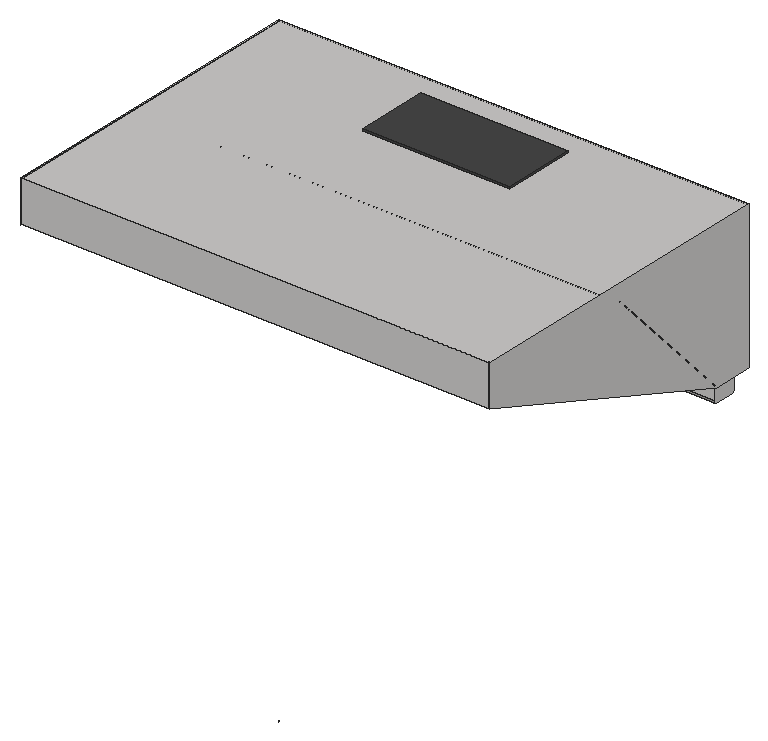
Revit family "QF_ELECTROLUXPROFESSIONAL_642090_MP1116DT", category Specialty Equipment, Revit 2014
Reference planes
  plane 1 "Center (Front/Back)": y = 0
  plane 2: z = 0
  plane 3 "Center (Left/Right)": x = 150
  plane 4 "LEFT": x = -650
  plane 5 "RIGHT": x = 950
  plane 6 "BACK": y = 550
  plane 7 "FRONT": y = -550
  plane 8 "Plane": z = 2000
  plane 9 "TOP": z = 2140
  plane 10 "Base": z = 1640
  plane 11: z = 1566
  plane 12 "DrainY": y = 485
  plane 13: x = -647
  plane 14: through (0, 414.509, 1640.8) normal (0, 0.7314, 0.682)
  plane 15: y = 470
  plane 16: y = 220
  plane 17 "DrainX": x = 830
  plane 18: x = -100
  plane 19: x = 400
  plane 20: x = 947
  plane 21: x = 740
  plane 22: x = 920
  plane 23: x = -450
  plane 24: x = 750
  plane 25: x = -47.5
  plane 26: x = 347.5
Forms (mm)
  Extrusion 1, solid, material "QF_Finishes_Stainless Steel"
    sketch origin (-650, 0, 0) x (0, 1, 0) y (0, 0, 1)
      loop
        line (550, 1640) -> (550, 2140) -> (-550, 2140) -> (-550, 1999.112) -> (413.973, 1640) -> (550, 1640)
    from 0 to 3
  Extrusion 2, solid, material "QF_Finishes_Stainless Steel"
    sketch origin (150, 0, 0) x (0, 1, 0) y (0, 0, 1)
      loop
        line (415.255, 1640) -> (550, 1640) -> (550, 2139.19) -> (549.2, 2139.19) -> (549.2, 1640.8) -> (415.876, 1640.8) -> (339.347, 1722.867) -> (349.609, 1732.436) -> (348.927, 1733.167) -> (337.934, 1722.917) -> (415.255, 1640)
      loop
        line (-82.203, 2139.19) -> (-82.203, 2118.6) -> (-31.047, 2118.6) -> (34.354, 2048.466) -> (46.028, 2059.352) -> (45.346, 2060.083) -> (34.403, 2049.879) -> (-30.612, 2119.6) -> (-81.203, 2119.6) -> (-81.203, 2139.19) -> (-82.203, 2139.19)
    from -797 to 797
  Extrusion 3, solid, material "QF_Finishes_Stainless Steel"
    sketch origin (950, 0, 0) x (0, 1, 0) y (0, 0, 1)
      loop
        line (550, 1640) -> (550, 2140) -> (-550, 2140) -> (-550, 1999.112) -> (413.973, 1640) -> (550, 1640)
    from 0 to -3
  Extrusion 4, solid, material "QF_Finishes_Stainless Steel"
    sketch origin (150, 0, 0) x (0, 1, 0) y (0, 0, 1)
      loop
        line (-550, 2140) -> (-550, 2000) -> (-549.2, 2000) -> (-549.2, 2139.19) -> (550, 2139.19) -> (550, 2140) -> (-550, 2140)
    from -800 to 800
  Extrusion 5, solid, material "QF_Finishes_Stainless Steel"
    sketch origin (150, 0, 0) x (0, 1, 0) y (0, 0, 1)
      loop
        line (534, 1640) -> (436, 1640) -> (436, 1627) -> (443.5, 1627) -> (443.5, 1576)
        arc (443.5, 1576) -> (446.429, 1568.929) -> (453.5, 1566) r 10
        line (453.5, 1566) -> (516.5, 1566)
        arc (516.5, 1566) -> (523.571, 1568.929) -> (526.5, 1576) r 10
        line (526.5, 1576) -> (526.5, 1627) -> (534, 1627) -> (534, 1640)
    from 590 to 770
  Extrusion 6, solid, material "QF_Finishes_Stainless Steel"
    sketch origin (0, 0, 1640) x (0, 1, 0) y (-1, 0, 0)
      loop
        circle (485, -830) r 20
    from -76 to -74
  Extrusion 7, solid, material "QF_Finished_Chrome"
    sketch origin (150, 0, 0) x (0, 1, 0) y (0, 0, 1)
      loop
        line (337.934, 1722.917) -> (341.591, 1726.327) -> (38.011, 2051.876) -> (34.354, 2048.466) -> (337.934, 1722.917)
    from -197.5 to -600
  Extrusion 8, solid, material "QF_Finishes_Stainless Steel"
    sketch origin (150, 0, 0) x (0, 1, 0) y (0, 0, 1)
      loop
        line (337.934, 1722.917) -> (341.591, 1726.327) -> (38.011, 2051.876) -> (34.354, 2048.466) -> (337.934, 1722.917)
    from 797 to 600
  Extrusion 9, solid, material "QF_Finished_Chrome"
    sketch origin (150, 0, 0) x (0, 1, 0) y (0, 0, 1)
      loop
        line (341.588, 1726.324) -> (38.009, 2051.874) -> (34.354, 2048.466) -> (337.934, 1722.917) -> (341.588, 1726.324)
    from 197.5 to 600
  Extrusion 10, solid, material "QF_Finishes_Black"
    sketch origin (0, 0, 2140) x (0, 1, 0) y (-1, 0, 0)
      loop
        line (470, -400) -> (470, 100) -> (220, 100) -> (220, -400) -> (470, -400)
    from 5 to 0
  Extrusion 11, solid, material "QF_Finishes_Stainless Steel"
    sketch origin (0, 0, 0) x (1, 0, 0) y (0, 1, 0)
      loop
        line (-650, 550) -> (-650, 549) -> (-649, 549) -> (-649, 550) -> (-650, 550)
    from 0 to 1
  Extrusion 12, solid, material "QF_Finishes_Stainless Steel"
    sketch origin (150, 0, 0) x (0, 1, 0) y (0, 0, 1)
      loop
        line (337.934, 1722.917) -> (341.591, 1726.327) -> (38.011, 2051.876) -> (34.354, 2048.466) -> (337.934, 1722.917)
    from -600 to -797
  Extrusion 13, solid, material "QF_Finishes_Stainless Steel"
    sketch origin (150, 0, 0) x (0, 1, 0) y (0, 0, 1)
      loop
        line (337.934, 1722.917) -> (341.591, 1726.327) -> (38.011, 2051.876) -> (34.354, 2048.466) -> (337.934, 1722.917)
    from 197.5 to -197.5
Cuts and joins
  joined: Extrusion 2, Extrusion 4
Lines and regions (mm)
  reference lines
    curve 1: line (150, 34.354, 2048.466) -> (150, 34.354, 1888.466)
  symbolic lines, style "SpecialityEquipment", detail levels coarse
    curve 2: line (950, 550, 2140) -> (-650, 550, 2140)
    curve 3: line (-650, 550, 2140) -> (-650, -550, 2140)
    curve 4: line (950, -550, 2140) -> (950, 550, 2140)
    curve 5: line (-650, -550, 2140) -> (950, -550, 2140)
    curve 6: line (400, 220, 2140) -> (-100, 220, 2140)
    curve 7: line (400, 470, 2140) -> (400, 220, 2140)
    curve 8: line (-100, 470, 2140) -> (400, 470, 2140)
    curve 9: line (-100, 220, 2140) -> (-100, 470, 2140)
    curve 10: line (-650, 550, 0) -> (950, -550, 0)
    curve 11: line (950, 550, 0) -> (-650, -550, 0)
Dimensions and locks
  plane 4 "LEFT" to plane 5 "RIGHT" = 1600 mm
  equal spacing: plane 4 "LEFT", plane 3 "Center (Left/Right)", plane 5 "RIGHT"
  locked: plane 8 "Plane" to level at 2000
  plane 9 "TOP" to plane 8 "Plane" = 140 mm
  locked: plane 9 "TOP" to plane 10 "Base" at 500
  plane 10 "Base" to plane 11 = 74 mm
  plane 6 "BACK" to plane 12 "DrainY" = 65 mm  (x2)
  plane 4 "LEFT" to plane 13 = 3 mm
  plane 6 "BACK" to plane 15 = 80 mm
  plane 15 to plane 16 = 250 mm  (x2)
  plane 17 "DrainX" to plane 5 "RIGHT" = 120 mm
  plane 20 to plane 5 "RIGHT" = 3 mm
  locked: plane 21 to plane 17 "DrainX" at 90
  locked: plane 17 "DrainX" to plane 22 at 90
  plane 6 "BACK" to plane 7 "FRONT" = 1100 mm  (x2)
  equal spacing: plane 6 "BACK", plane 1 "Center (Front/Back)", plane 7 "FRONT"
  plane 16 to plane 7 "FRONT" = 770 mm
  plane 15 to plane 6 "BACK" = 80 mm
  plane 4 "LEFT" to plane 23 = 200 mm
  plane 24 to plane 5 "RIGHT" = 200 mm
  locked: plane 25 to plane 26 at 395
  equal spacing: plane 25, plane 3 "Center (Left/Right)", plane 26
  locked: plane 18 to plane 19 at 500
  equal spacing: plane 18, plane 3 "Center (Left/Right)", plane 19
  aligned and locked: level to plane 2
  aligned and locked: Extrusion 2 to Extrusion 1
  aligned and locked: Extrusion 2 to Extrusion 3
  aligned and locked: plane 5 "RIGHT" to Extrusion 4
  aligned and locked: Extrusion 4 to plane 4 "LEFT"
  aligned and locked: plane 20 to Extrusion 8
  aligned and locked: Extrusion 10 to plane 18
  aligned and locked: Extrusion 10 to plane 16
  aligned and locked: Extrusion 10 to plane 15
  aligned and locked: Extrusion 2 to Extrusion 4
  aligned and locked: plane 22 to Extrusion 5
  aligned and locked: Extrusion 5 to plane 21
  aligned and locked: Extrusion 8 to plane 24
  aligned and locked: Extrusion 9 to plane 24
  aligned and locked: Extrusion 7 to plane 23
  aligned and locked: Extrusion 12 to plane 13
  aligned and locked: plane 23 to Extrusion 12
  aligned and locked: Extrusion 3 to plane 20
  aligned and locked: Extrusion 10 to plane 19
  aligned and locked: plane 19 to curve 7
  aligned and locked: plane 26 to Extrusion 13
  aligned and locked: Extrusion 13 to plane 25
  aligned and locked: Extrusion 9 to plane 26
Automatic sketch dimensions
  curve 5 to plane 5 "RIGHT" = 0 mm
  curve 5 to plane 7 "FRONT" = 0 mm
  curve 6 to plane 16 = 0 mm
  plane 15 to curve 8 = 0 mm
  curve 3 to plane 4 "LEFT" = 0 mm
  curve 3 to plane 6 "BACK" = 0 mm
  curve 6 to plane 18 = 0 mm
  Extrusion 1 sketch curve to plane 7 "FRONT" = 0 mm
  Extrusion 1 sketch curve to plane 10 "Base" = 0 mm
  Extrusion 1 sketch curve to plane 6 "BACK" = 0 mm
  Extrusion 1 sketch curve to plane 9 "TOP" = 0 mm
  plane 15 to Extrusion 1 sketch curve = 56.027 mm
  Extrusion 1 sketch curve to plane 8 "Plane" = 0.888 mm
  Extrusion 2 sketch curve to plane 14 = 0 mm  (x3)
  Extrusion 2 sketch curve to plane 10 "Base" = 0 mm
  plane 14 to Extrusion 2 sketch curve = 0 mm
  Extrusion 2 sketch curve to plane 6 "BACK" = 0 mm
  Extrusion 2 sketch curve to Extrusion 2 sketch curve = 65.646 mm
  Extrusion 2 sketch curve to Extrusion 2 sketch curve = 0.682 mm  (x2)
  Extrusion 2 sketch curve to Extrusion 2 sketch curve = 10.261 mm
  plane 10 "Base" to Extrusion 2 sketch curve = 82.917 mm
  Extrusion 2 sketch curve to plane 1 "Center (Front/Back)" = 46.028 mm
  Extrusion 2 sketch curve to Extrusion 2 sketch curve = 10.942 mm
  Extrusion 2 sketch curve to Extrusion 2 sketch curve = 0.049 mm
  Extrusion 2 sketch curve to plane 9 "TOP" = 20.4 mm
  Extrusion 2 sketch curve to plane 9 "TOP" = 21.4 mm
  Extrusion 2 sketch curve to plane 9 "TOP" = 0.81 mm  (x2)
  Extrusion 2 sketch curve to Extrusion 2 sketch curve = 50.156 mm
  Extrusion 2 sketch curve to Extrusion 2 sketch curve = 1 mm
  plane 10 "Base" to Extrusion 2 sketch curve = 0.8 mm
  Extrusion 2 sketch curve to plane 6 "BACK" = 0.8 mm
  Extrusion 3 sketch curve to plane 7 "FRONT" = 0 mm
  Extrusion 3 sketch curve to plane 10 "Base" = 0 mm
  Extrusion 3 sketch curve to plane 6 "BACK" = 0 mm
  Extrusion 3 sketch curve to plane 9 "TOP" = 0 mm
  plane 15 to Extrusion 3 sketch curve = 56.027 mm
  Extrusion 3 sketch curve to plane 8 "Plane" = 0.888 mm
  Extrusion 4 sketch curve to plane 7 "FRONT" = 0 mm
  Extrusion 4 sketch curve to plane 8 "Plane" = 0 mm
  Extrusion 4 sketch curve to plane 6 "BACK" = 0 mm
  Extrusion 4 sketch curve to plane 9 "TOP" = 0 mm
  plane 7 "FRONT" to Extrusion 4 sketch curve = 0.8 mm
  Extrusion 4 sketch curve to plane 9 "TOP" = 0.81 mm
  curve 1 to plane 14 = 0 mm
  curve 1 to plane 1 "Center (Front/Back)" = 34.354 mm
  curve 1 to plane 8 "Plane" = 111.534 mm
  Extrusion 5 sketch curve to plane 10 "Base" = 0 mm
  Extrusion 5 sketch curve to plane 11 = 0 mm
  Extrusion 5 sketch curve to plane 10 "Base" = 13 mm  (x2)
  plane 15 to Extrusion 5 sketch curve = 34 mm
  Extrusion 5 sketch curve to Extrusion 5 sketch curve = 7.5 mm  (x2)
  Extrusion 5 sketch curve to Extrusion 5 sketch curve = 10 mm
  plane 12 "DrainY" to Extrusion 5 sketch curve = 31.5 mm
  Extrusion 5 sketch curve to plane 6 "BACK" = 23.5 mm
  Extrusion 6 sketch curve to plane 12 "DrainY" = 0 mm
  Extrusion 6 sketch curve to plane 17 "DrainX" = 0 mm
  Extrusion 7 sketch curve to plane 14 = 0 mm  (x2)
  Extrusion 7 sketch curve to plane 1 "Center (Front/Back)" = 34.354 mm
  Extrusion 7 sketch curve to Extrusion 7 sketch curve = 3.657 mm
  plane 10 "Base" to Extrusion 7 sketch curve = 82.917 mm
  Extrusion 8 sketch curve to plane 14 = 0 mm  (x2)
  Extrusion 8 sketch curve to plane 1 "Center (Front/Back)" = 34.354 mm
  Extrusion 8 sketch curve to Extrusion 8 sketch curve = 3.657 mm
  plane 10 "Base" to Extrusion 8 sketch curve = 82.917 mm
  Extrusion 9 sketch curve to plane 14 = 0 mm  (x2)
  Extrusion 9 sketch curve to plane 1 "Center (Front/Back)" = 34.354 mm
  Extrusion 9 sketch curve to Extrusion 9 sketch curve = 3.655 mm
  plane 10 "Base" to Extrusion 9 sketch curve = 82.917 mm
  Extrusion 10 sketch curve to plane 16 = 0 mm
  plane 15 to Extrusion 10 sketch curve = 0 mm
  Extrusion 10 sketch curve to plane 19 = 0 mm
  Extrusion 10 sketch curve to plane 18 = 0 mm
  Extrusion 11 sketch curve to plane 4 "LEFT" = 0 mm
  Extrusion 11 sketch curve to plane 6 "BACK" = 0 mm
  plane 4 "LEFT" to Extrusion 11 sketch curve = 1 mm
  Extrusion 11 sketch curve to Extrusion 11 sketch curve = 1 mm
  Extrusion 12 sketch curve to plane 14 = 0 mm  (x2)
  Extrusion 12 sketch curve to plane 1 "Center (Front/Back)" = 34.354 mm
  Extrusion 12 sketch curve to Extrusion 12 sketch curve = 3.657 mm
  plane 10 "Base" to Extrusion 12 sketch curve = 82.917 mm
  Extrusion 13 sketch curve to plane 14 = 0 mm  (x2)
  Extrusion 13 sketch curve to plane 1 "Center (Front/Back)" = 34.354 mm
  Extrusion 13 sketch curve to Extrusion 13 sketch curve = 3.657 mm
  plane 10 "Base" to Extrusion 13 sketch curve = 82.917 mm
  curve 11 to plane 4 "LEFT" = 0 mm
  curve 10 to plane 4 "LEFT" = 0 mm
  curve 11 to plane 5 "RIGHT" = 0 mm
  curve 10 to plane 5 "RIGHT" = 0 mm
  curve 10 to plane 7 "FRONT" = 0 mm
  curve 11 to plane 7 "FRONT" = 0 mm
  curve 11 to plane 6 "BACK" = 0 mm
  curve 10 to plane 6 "BACK" = 0 mm
  radius of Extrusion 6 sketch curve = 20 mm
Connectors
  piping at (830, 485, 1564), diameter 20
    settings: on Extrusion 6, index 1, connector inside diameter 609.6 mm, connector length 0 mm, flow factor 0, pipe flow 0.0 L/s, pressure drop 0.0 Pa, fitting loss kfactor 0, connector angle 0.00°, fixture units 0, engagement length 0 mm, angle of deflection 0.00°, flow configuration 1, flow direction 2, fitting loss method 0, system type 16, joint type 0, gender type 0, connector reference index -1, connector utility 0, adjustable connector no, is connector primary yes, connector description "Drain"
  hvac at (150, 345, 2145)
    settings: on Extrusion 10, index 2, duct flow 0.0 L/s, flow factor 0, pres drop 0.0 Pa, loss coef 0, conn angle 0.00°, conn width 250 mm, conn height 500 mm, conn diameter 609.6 mm, duct sys type 3, conn prof type 1, flow config 1, flow direction 0, loss method 0, conn ref index -1, conn util no, is conn primary yes, conn desc "EXHAUST OUTLET"
